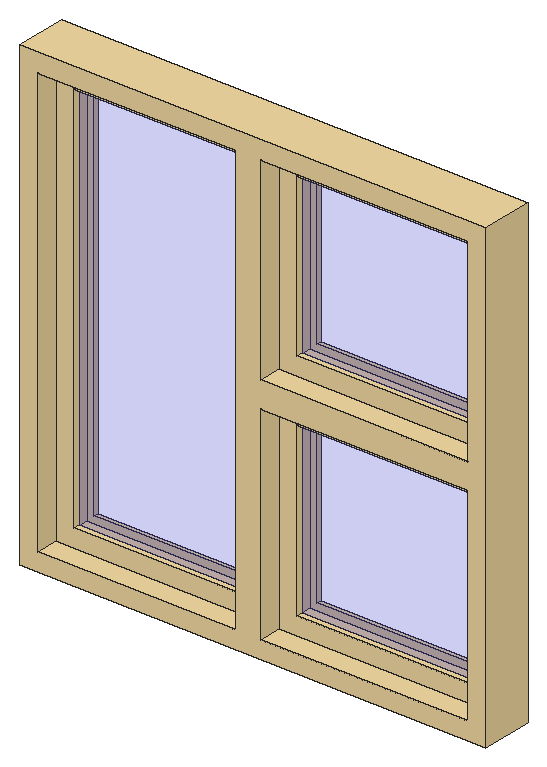
Revit family "4403S-COto 62", category Windows, host Wall, Revit 2016
Family settings
  Host = Wall
  OmniClass Number = 23.30.20.00
  OmniClass Title = Windows
  Always vertical = Yes
  Cut with Voids When Loaded = No
  Shared = No
  Room Calculation Point = No
Parameters (values of type "1188x1188mm")
  top 3 [instance] = yes
  top 2 [instance] = no
  top 1 [instance] = yes
  right 2 [instance] = yes
  right 1 [instance] = no
  right 3 [instance] = no
  left 3 [instance] = no
  left 2 [instance] = no
  left 1 [instance] = no
  Sash 3 [instance] = or(top 3, right 3, left 3)  # yes
  Sash 2 [instance] = or(top 2, right 2, left 2)  # yes
  Sash 1 [instance] = or(top 1, right 1, left 1)  # yes
  Rough Width = Width + 2 * Joint  # 1212 mm
  Rough Height = Height + 2 * Joint  # 1212 mm
  Offset from wall = 40 mm
  Mullion 1 Placement = 594 mm
  Mullion 2 Placement = 594 mm
  Manufacturer = "www.kronevinduer.dk"
  Joint = 12 mm
  Height = 1188 mm
  Frame 176mm [instance] = no
  Frame 157mm [instance] = no
  Default Sill Height = 800 mm
  Wall Closure = By host
  Width = 1188 mm
Reference planes
  plane 1 "Center (Front/Back)": y = 0
  plane 2 "Center (Left/Right)": x = 0
  plane 3 "Left": x = -594
  plane 4 "Right": x = 594
  plane 5 "Sill": z = 800
  plane 6 "Head": z = 1988
  plane 7 "Exterior": y = 100
  plane 8 "Interior": y = -100
  plane 9: y = 60
  plane 10: x = 582
  plane 11: x = -582
  plane 12: z = 812
  plane 13: z = 1976
  plane 14: x = -12
  plane 15: z = 1406
  plane 16: x = 285
  plane 17: x = -297
  plane 18: z = 1109
  plane 19: z = 1394
  plane 20: z = 1691
Forms (mm)
  Sweep 1, solid, material "Wood frame"
    path origin (0, 100, 0) x (1, 0, 0) y (0, 0, 1)
      loop
        line (582, 812) -> (582, 1976) -> (-582, 1976) -> (-582, 812) -> (582, 812)
    profile "COto 62 træ-alu,karm- fast glas 45mm : COto 62 træ-alu,karm- fast glas 45mm" origin (0, 100, 812) x (0, 0, -1) y (0, -1, 0)
      loop
        line (0, 170) -> (-45, 170) -> (-45, 99) -> (-27, 99) -> (-27, 51) -> (-45, 51) -> (-45, 40) -> (0, 40) -> (0, 170)
  Sweep 2, solid, material "Wood frame"
    path origin (0, 100, 0) x (1, 0, 0) y (0, 0, 1)
      loop
        line (-12, 812) -> (-12, 1976)
    profile "COto 62 træ-alu, Post-fast glas 63 mm : COto 62 træ-alu, Post-fast glas 63 mm" origin (-12, 100, 1394) x (-1, 0, 0) y (0, -1, 0)
      loop
        line (31.5, 170) -> (-31.5, 170) -> (-31.5, 99) -> (-13.5, 99) -> (-13.5, 51) -> (-31.5, 51) -> (-31.5, 40) -> (31.5, 40) -> (31.5, 51) -> (13.5, 51) -> (13.5, 99) -> (31.5, 99) -> (31.5, 170)
  Extrusion 3, solid, material "Glass"
    sketch origin (594, 0, 0) x (0, -1, 0) y (0, 0, 1)
      loop
        line (-1, 839) -> (-1, 1949) -> (-49, 1949) -> (-49, 839) -> (-1, 839)
    from 39 to 592.5
  Sweep 4, solid, material "Wood frame", visible <- "Frame 157mm"
    path origin (0, 100, 0) x (1, 0, 0) y (0, 0, 1)
      loop
        line (582, 812) -> (582, 1976) -> (-582, 1976) -> (-582, 812) -> (582, 812)
    profile "COto 62 træ-alu,karm- fast glas 45mm-157 : COto 62 træ-alu,karm- fast glas 45mm-157" origin (0, 100, 812) x (0, 0, -1) y (0, -1, 0)
      loop
        line (0, 197) -> (-45, 197) -> (-45, 99) -> (-27, 99) -> (-27, 51) -> (-45, 51) -> (-45, 40) -> (0, 40) -> (0, 197)
  Sweep 5, solid, material "Wood frame", visible <- "Frame 157mm"
    path origin (0, 100, 0) x (1, 0, 0) y (0, 0, 1)
      loop
        line (-12, 1976) -> (-12, 812)
    profile "COto 62 træ-alu, Post-fast glas 63 mm-157 : COto 62 træ-alu, Post-fast glas 63 mm-157" origin (-12, 100, 1394) x (1, 0, 0) y (0, -1, 0)
      loop
        line (31.5, 197) -> (-31.5, 197) -> (-31.5, 99) -> (-13.5, 99) -> (-13.5, 51) -> (-31.5, 51) -> (-31.5, 40) -> (31.5, 40) -> (31.5, 51) -> (13.5, 51) -> (13.5, 99) -> (31.5, 99) -> (31.5, 197)
  Sweep 6, solid, material "Wood frame", visible <- "Frame 176mm"
    path origin (0, 100, 0) x (1, 0, 0) y (0, 0, 1)
      loop
        line (582, 812) -> (582, 1976) -> (-582, 1976) -> (-582, 812) -> (582, 812)
    profile "COto 62 træ-alu,karm- fast glas 45mm-176 : COto 62 træ-alu,karm- fast glas 45mm-176" origin (0, 100, 812) x (0, 0, -1) y (0, -1, 0)
      loop
        line (0, 216) -> (-45, 216) -> (-45, 99) -> (-27, 99) -> (-27, 51) -> (-45, 51) -> (-45, 40) -> (0, 40) -> (0, 216)
  Sweep 7, solid, material "Wood frame", visible <- "Frame 176mm"
    path origin (0, 100, 0) x (1, 0, 0) y (0, 0, 1)
      loop
        line (-12, 1976) -> (-12, 812)
    profile "COto 62 træ-alu, Post-fast glas 63 mm-176 : COto 62 træ-alu, Post-fast glas 63 mm-176" origin (-12, 100, 1394) x (1, 0, 0) y (0, -1, 0)
      loop
        line (31.5, 216) -> (-31.5, 216) -> (-31.5, 99) -> (-13.5, 99) -> (-13.5, 51) -> (-31.5, 51) -> (-31.5, 40) -> (31.5, 40) -> (31.5, 51) -> (13.5, 51) -> (13.5, 99) -> (31.5, 99) -> (31.5, 216)
  Extrusion 8, solid, material "Glass"
    sketch origin (594, 0, 0) x (0, -1, 0) y (0, 0, 1)
      loop
        line (-1, 839) -> (-1, 1949) -> (-49, 1949) -> (-49, 839) -> (-1, 839)
    from 619.5 to 1149
  Sweep 9, solid, material "Wood frame"
    path origin (0, 100, 0) x (1, 0, 0) y (0, 0, 1)
      loop
        line (582, 1406) -> (-12, 1406)
    profile "COto 62 træ-alu, Post-fast glas 63 mm : COto 62 træ-alu, Post-fast glas 63 mm" origin (285, 100, 1406) x (0, 0, -1) y (0, -1, 0)
      loop
        line (31.5, 170) -> (-31.5, 170) -> (-31.5, 99) -> (-13.5, 99) -> (-13.5, 51) -> (-31.5, 51) -> (-31.5, 40) -> (31.5, 40) -> (31.5, 51) -> (13.5, 51) -> (13.5, 99) -> (31.5, 99) -> (31.5, 170)
  Sweep 10, solid, material "Wood frame", visible <- "Frame 157mm"
    path origin (0, 100, 0) x (1, 0, 0) y (0, 0, 1)
      loop
        line (582, 1406) -> (-12, 1406)
    profile "COto 62 træ-alu, Post-fast glas 63 mm-157 : COto 62 træ-alu, Post-fast glas 63 mm-157" origin (285, 100, 1406) x (0, 0, -1) y (0, -1, 0)
      loop
        line (31.5, 197) -> (-31.5, 197) -> (-31.5, 99) -> (-13.5, 99) -> (-13.5, 51) -> (-31.5, 51) -> (-31.5, 40) -> (31.5, 40) -> (31.5, 51) -> (13.5, 51) -> (13.5, 99) -> (31.5, 99) -> (31.5, 197)
  Sweep 11, solid, material "Wood frame", visible <- "Frame 176mm"
    path origin (0, 100, 0) x (1, 0, 0) y (0, 0, 1)
      loop
        line (582, 1406) -> (-12, 1406)
    profile "COto 62 træ-alu, Post-fast glas 63 mm-176 : COto 62 træ-alu, Post-fast glas 63 mm-176" origin (285, 100, 1406) x (0, 0, -1) y (0, -1, 0)
      loop
        line (31.5, 216) -> (-31.5, 216) -> (-31.5, 99) -> (-13.5, 99) -> (-13.5, 51) -> (-31.5, 51) -> (-31.5, 40) -> (31.5, 40) -> (31.5, 51) -> (13.5, 51) -> (13.5, 99) -> (31.5, 99) -> (31.5, 216)
  Sweep 12, solid, material "Wood frame", visible <- "Sash 1"
    path origin (0, 100, 0) x (1, 0, 0) y (0, 0, 1)
      loop
        line (555, 839) -> (555, 1392.5) -> (1.5, 1392.5) -> (1.5, 839) -> (555, 839)
    profile "COto 62 træ-alu,opluk-ramme : COto 62 træ-alu,opluk-ramme" origin (278.25, 100, 839) x (0, 0, -1) y (0, -1, 0)
      loop
        line (0, 99) -> (-18, 99) -> (-18, 114) -> (-63, 114) -> (-63, 99) -> (-45, 99) -> (-45, 51) -> (-63, 51) -> (-63, 40) -> (0, 40) -> (0, 99)
  Sweep 13, solid, material "Wood frame", visible <- "Sash 2"
    path origin (0, 100, 0) x (1, 0, 0) y (0, 0, 1)
      loop
        line (-25.5, 839) -> (-25.5, 1949) -> (-555, 1949) -> (-555, 839) -> (-25.5, 839)
    profile "COto 62 træ-alu,opluk-ramme : COto 62 træ-alu,opluk-ramme" origin (-290.25, 100, 839) x (0, 0, -1) y (0, -1, 0)
      loop
        line (0, 99) -> (-18, 99) -> (-18, 114) -> (-63, 114) -> (-63, 99) -> (-45, 99) -> (-45, 51) -> (-63, 51) -> (-63, 40) -> (0, 40) -> (0, 99)
  Sweep 14, solid, material "Wood frame", visible <- "Sash 3"
    path origin (0, 100, 0) x (1, 0, 0) y (0, 0, 1)
      loop
        line (555, 1419.5) -> (555, 1949) -> (1.5, 1949) -> (1.5, 1419.5) -> (555, 1419.5)
    profile "COto 62 træ-alu,opluk-ramme : COto 62 træ-alu,opluk-ramme" origin (278.25, 100, 1419.5) x (0, 0, -1) y (0, -1, 0)
      loop
        line (0, 99) -> (-18, 99) -> (-18, 114) -> (-63, 114) -> (-63, 99) -> (-45, 99) -> (-45, 51) -> (-63, 51) -> (-63, 40) -> (0, 40) -> (0, 99)
Cuts and joins
  joined: Sweep 1, Sweep 2, Sweep 9
  joined: Sweep 4, Sweep 5, Sweep 10
  joined: Sweep 6, Sweep 7, Sweep 11
Lines and regions (mm)
  Opening 1
    outline origin (3500, -100, 0) x (1, 0, 0) y (0, 0, 1)
      loop
        line (-2906, 800) -> (-2906, 1988) -> (-4094, 1988) -> (-4094, 800) -> (-2906, 800)
  symbolic lines, visible <- "top 1"
    curve 1: line (555, 100, 1392.5) -> (285, 100, 839)
    curve 2: line (285, 100, 839) -> (1.5, 100, 1392.5)
  symbolic lines, visible <- "left 1"
    curve 3: line (555, 100, 1392.5) -> (1.5, 100, 1109)
    curve 4: line (1.5, 100, 1109) -> (555, 100, 839)
  symbolic lines, visible <- "right 1"
    curve 5: line (1.5, 100, 1392.5) -> (555, 100, 1109)
    curve 6: line (555, 100, 1109) -> (1.5, 100, 839)
  symbolic lines, visible <- "top 2"
    curve 7: line (-25.5, 100, 1949) -> (-297, 100, 839)
    curve 8: line (-297, 100, 839) -> (-555, 100, 1949)
  symbolic lines, visible <- "right 2"
    curve 9: line (-555, 100, 1949) -> (-25.5, 100, 1394)
    curve 10: line (-25.5, 100, 1394) -> (-555, 100, 839)
  symbolic lines, visible <- "left 2"
    curve 11: line (-25.5, 100, 1949) -> (-555, 100, 1394)
    curve 12: line (-555, 100, 1394) -> (-25.5, 100, 839)
  symbolic lines, visible <- "top 3"
    curve 13: line (555, 100, 1949) -> (285, 100, 1419.5)
    curve 14: line (285, 100, 1419.5) -> (1.5, 100, 1949)
  symbolic lines, visible <- "left 3"
    curve 15: line (555, 100, 1949) -> (1.5, 100, 1691)
    curve 16: line (1.5, 100, 1691) -> (555, 100, 1419.5)
  symbolic lines, visible <- "right 3"
    curve 17: line (1.5, 100, 1949) -> (555, 100, 1691)
    curve 18: line (555, 100, 1691) -> (1.5, 100, 1419.5)
Text (mm)
  text "EXTERIOR" at (-1963.203, 1332.353, 0), in view "Ref. Level"
  text "INTERIOR" at (-1981.466, -818.386, 0), in view "Ref. Level"
  text "Exterior" at (0, 923.751, 2943.296), in view "Right"
  text "Exterior" at (0, 1040.484, 2685.409), in view "Left"
Dimensions and locks
  equal spacing: plane 3 "Left", plane 2 "Center (Left/Right)", plane 4 "Right"
  "Width": plane 3 "Left" to plane 4 "Right"
  "Height": plane 5 "Sill" to plane 6 "Head"
  "Default Sill Height": plane 5 "Sill" to level
  locked: plane 7 "Exterior" to host wall at 0
  locked: plane 8 "Interior" to host wall
  "Joint": plane 13 to plane 6 "Head"
  "Joint": plane 5 "Sill" to plane 12
  "Joint": plane 3 "Left" to plane 11
  "Joint": plane 10 to plane 4 "Right"
  "Offset from wall": plane 9 to plane 7 "Exterior"
  "Mullion 1 Placement": plane 14 to plane 10
  "Mullion 2 Placement": plane 12 to plane 15
  equal spacing: plane 14, plane 16, plane 10
  equal spacing: plane 12, plane 18, plane 15
  equal spacing: plane 11, plane 17, plane 14
  equal spacing: plane 12, plane 19, plane 13
  equal spacing: plane 15, plane 20, plane 13
  aligned and locked: plane 12 to Sweep 1 sketch curve
  aligned and locked: plane 10 to Sweep 1 sketch curve
  aligned and locked: Sweep 1 sketch curve to plane 13
  aligned and locked: Sweep 1 sketch curve to plane 11
  aligned and locked: Extrusion 3 sketch curve to cut or joined group of Sweep 1, Sweep 2, Sweep 9  (x2)
  aligned and locked: Extrusion 3 to cut or joined group of Sweep 1, Sweep 2, Sweep 9  (x4)
  aligned and locked: Sweep 4 sketch curve to cut or joined group of Sweep 1, Sweep 2, Sweep 9  (x4)
  aligned and locked: Sweep 6 sketch curve to cut or joined group of Sweep 1, Sweep 2, Sweep 9  (x4)
  aligned and locked: Extrusion 8 sketch curve to cut or joined group of Sweep 1, Sweep 2, Sweep 9  (x2)
  aligned and locked: Extrusion 8 to cut or joined group of Sweep 1, Sweep 2, Sweep 9  (x4)
  aligned and locked: Sweep 12 sketch curve to cut or joined group of Sweep 1, Sweep 2, Sweep 9  (x3)
  aligned and locked: cut or joined group of Sweep 1, Sweep 2, Sweep 9 to Sweep 12 sketch curve
  aligned and locked: cut or joined group of Sweep 1, Sweep 2, Sweep 9 to Sweep 13 sketch curve
  aligned and locked: Sweep 13 sketch curve to cut or joined group of Sweep 1, Sweep 2, Sweep 9  (x3)
  aligned and locked: Sweep 14 sketch curve to cut or joined group of Sweep 1, Sweep 2, Sweep 9  (x2)
  aligned and locked: cut or joined group of Sweep 1, Sweep 2, Sweep 9 to Sweep 14 sketch curve  (x2)
Automatic sketch dimensions
  Opening 1 sketch curve to plane 3 "Left" = 0 mm
  Opening 1 sketch curve to plane 4 "Right" = 0 mm
  Opening 1 sketch curve to plane 5 "Sill" = 0 mm
  Opening 1 sketch curve to plane 6 "Head" = 0 mm
  Sweep 2 sketch curve to plane 13 = 0 mm
  plane 14 to Sweep 2 sketch curve = 0 mm
  Sweep 2 sketch curve to plane 12 = 0 mm
  Extrusion 3 sketch curve to plane 5 "Sill" = 39 mm
  plane 6 "Head" to Extrusion 3 sketch curve = 39 mm
  Sweep 5 sketch curve to plane 12 = 0 mm
  plane 14 to Sweep 5 sketch curve = 0 mm
  Sweep 5 sketch curve to plane 13 = 0 mm
  Sweep 7 sketch curve to plane 12 = 0 mm
  plane 14 to Sweep 7 sketch curve = 0 mm
  Sweep 7 sketch curve to plane 13 = 0 mm
  Extrusion 8 sketch curve to plane 5 "Sill" = 39 mm
  plane 6 "Head" to Extrusion 8 sketch curve = 39 mm
  plane 14 to Sweep 9 sketch curve = 0 mm
  plane 10 to Sweep 9 sketch curve = 0 mm
  Sweep 9 sketch curve to plane 15 = 0 mm
  plane 14 to Sweep 10 sketch curve = 0 mm
  plane 10 to Sweep 10 sketch curve = 0 mm
  Sweep 10 sketch curve to plane 15 = 0 mm
  plane 14 to Sweep 11 sketch curve = 0 mm
  plane 10 to Sweep 11 sketch curve = 0 mm
  Sweep 11 sketch curve to plane 15 = 0 mm
  curve 11 to plane 19 = 0 mm
  plane 17 to curve 8 = 0 mm
  curve 9 to plane 19 = 0 mm
  curve 4 to plane 18 = 0 mm
  curve 15 to plane 20 = 0 mm
  plane 16 to curve 1 = 0 mm
  plane 16 to curve 14 = 0 mm
  curve 5 to plane 18 = 0 mm
  curve 18 to plane 20 = 0 mm
  curve 12 to plane 11 = 27 mm
  curve 9 to plane 11 = 27 mm
  plane 14 to curve 7 = 13.5 mm
  plane 14 to curve 9 = 13.5 mm
  curve 5 to plane 14 = 13.5 mm
  curve 14 to plane 14 = 13.5 mm
  curve 4 to plane 14 = 13.5 mm
  curve 15 to plane 14 = 13.5 mm
  plane 10 to curve 15 = 27 mm
  plane 10 to curve 3 = 27 mm
  plane 10 to curve 5 = 27 mm
  plane 12 to curve 7 = 27 mm
  plane 12 to curve 2 = 27 mm
  curve 2 to plane 15 = 13.5 mm
  curve 1 to plane 15 = 13.5 mm
  plane 15 to curve 14 = 13.5 mm
  curve 13 to plane 13 = 27 mm
  curve 7 to plane 13 = 27 mm
  curve 8 to plane 13 = 27 mm
  curve 17 to plane 13 = 27 mm
  curve 10 to plane 11 = 27 mm
  plane 14 to curve 12 = 13.5 mm
  curve 18 to plane 14 = 13.5 mm
  curve 6 to plane 14 = 13.5 mm
  plane 10 to curve 4 = 27 mm
  curve 16 to curve 1 = 0 mm
  plane 10 to curve 17 = 27 mm
  plane 12 to curve 4 = 27 mm
  plane 12 to curve 6 = 27 mm
  curve 12 to curve 6 = 0 mm
  plane 12 to curve 10 = 27 mm
  plane 15 to curve 16 = 13.5 mm
  plane 15 to curve 18 = 13.5 mm
